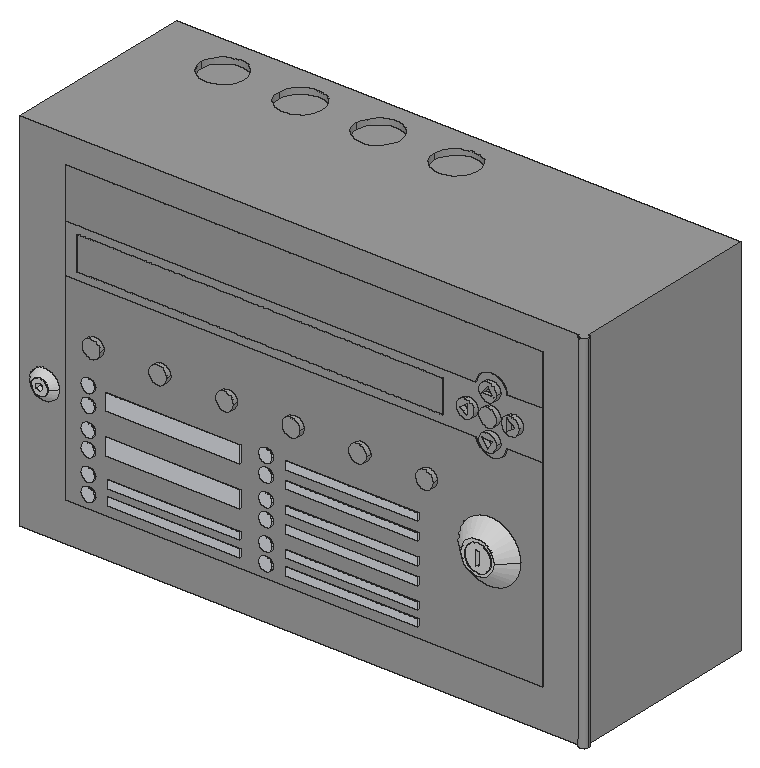
Revit family "DC IDR2-A_Active Repeater", category Specialty Equipment, Revit 2014
Parameters (values of type "Notifier by Honeywell IDR-2A Active Repeater Panel 002-450")
  Zone number = ""
  URL = "www.notifierfiresystems.co.uk"
  Type Comments = "IDR-2A Active Repeater Panel"
  Tel No. = "+44 (0) 1273 897000"
  Product Code = "002-450"
  Model = "IDR-2A"
  Manufacturer = "Notifier by Honeywell"
  Loop number = ""
  Fax No. = "+44 (0) 1273 376894"
  Email = "sales@notifierfiresystems.co.uk"
  Detector number = ""
  Description = "Fire Alarm Repeater Panel"
  Control Panel name = ""
  Assembly Code = "D4090900"
  Address line 1 = "Caburn House, Brooks Road, Lewes, E. Sussex BN7 2BY, UK"
Reference planes
  plane 1 "Center (Front/Back)": y = 0
  plane 2: z = 0
  plane 3 "Center (Left/Right)": x = 0
Forms (mm)
  Extrusion 1, solid, material "Default"
    sketch origin (0, 0, 0) x (1, 0, 0) y (0, 0, 1)
      loop
        line (-227.87, 0) -> (26.13, 0) -> (26.13, 165) -> (-227.87, 165) -> (-227.87, 0)
    from 0 to 88
  Extrusion 2, solid, material "UHMW, White"
    sketch origin (1.25, 0, 2.5) x (1, 0, 0) y (0, 0, 1)
      loop
        line (-208.508, 14.994) -> (6.13, 14.994) -> (6.13, 105.244) -> (-9.888, 105.244)
        arc (-9.888, 105.244) -> (-16.785, 99.351) -> (-23.682, 105.244) r 6.982
        line (-23.682, 105.244) -> (-208.508, 105.244) -> (-208.508, 14.994)
      loop
        line (-208.508, 150.244) -> (-208.508, 127.383) -> (-23.736, 127.383)
        arc (-23.736, 127.383) -> (-16.785, 133.705) -> (-9.834, 127.383) r 6.982
        line (-9.834, 127.383) -> (6.13, 127.383) -> (6.13, 150.244) -> (-208.508, 150.244)
    from 84.156 to 88.074
  Extrusion 3, void
    sketch origin (-28.75, 7.5, 0) x (1, 0, 0) y (0, 1, 0)
      loop
        circle (-163.642, -25.63) r 10
      loop
        circle (-128.642, -25.63) r 10
      loop
        circle (-93.642, -25.63) r 10
      loop
        circle (-58.642, -25.63) r 10
    from 162.436 to 180.672
  Extrusion 4, solid, material "Default"
    sketch origin (-0.625, 0.625, 0) x (1, 0, 0) y (0, 1, 0)
      loop
        circle (26.13, -88) r 2.037
    from 0 to 165
  Extrusion 5, solid, material "Platinum"
    sketch origin (180.7, 0, -20.672) x (1, 0, 0) y (0, 0, 1)
      loop
        circle (-197.286, 84.618) r 6
      loop
        line (-198.171, 87.62) -> (-198.171, 81.275) -> (-196.445, 81.275) -> (-196.445, 87.62) -> (-198.171, 87.62)
    from 94.533 to 88
  Extrusion 6, solid, material "UHMW, Black"
    sketch origin (181.75, 0, 24.528) x (1, 0, 0) y (0, 0, 1)
      loop
        circle (-197.286, 84.305) r 3.982
      loop
        line (-200.114, 85.801) -> (-197.286, 82.048) -> (-194.458, 85.801) -> (-200.114, 85.801)
      loop
        circle (-197.286, 104.695) r 3.982
      loop
        line (-194.693, 103.512) -> (-197.286, 106.952) -> (-199.878, 103.512) -> (-194.693, 103.512)
      loop
        circle (-207.48, 94.5) r 3.982
      loop
        line (-206.298, 97.092) -> (-209.738, 94.5) -> (-206.298, 91.908) -> (-206.298, 97.092)
      loop
        circle (-187.091, 94.5) r 3.982
      loop
        line (-188.586, 91.672) -> (-184.834, 94.5) -> (-188.586, 97.328) -> (-188.586, 91.672)
      loop
        circle (-197.286, 94.5) r 3.982
      loop
        circle (-375.788, 59.443) r 3.982
      loop
        circle (-345.788, 59.443) r 3.982
      loop
        circle (-315.788, 59.443) r 3.982
      loop
        circle (-285.788, 59.443) r 3.982
      loop
        circle (-255.788, 59.443) r 3.982
      loop
        circle (-225.788, 59.443) r 3.982
    from 90.157 to 88
  Extrusion 7, solid, material "Default"
    sketch origin (1.25, 0, 2.5) x (1, 0, 0) y (0, 0, 1)
      loop
        line (-208.508, 105.244) -> (-23.682, 105.244)
        arc (-23.682, 105.244) -> (-16.785, 99.351) -> (-9.888, 105.244) r 6.982
        line (-9.888, 105.244) -> (6.13, 105.244) -> (6.13, 127.383) -> (-9.834, 127.383)
        arc (-9.834, 127.383) -> (-16.785, 133.705) -> (-23.736, 127.383) r 6.982
        line (-23.736, 127.383) -> (-208.508, 127.383) -> (-208.508, 105.244)
      loop
        line (-203.651, 123.856) -> (-203.651, 108.856) -> (-38.651, 108.856) -> (-38.651, 123.856) -> (-203.651, 123.856)
    from 84.156 to 88.074
  Sweep 8, solid, material "Platinum"
    path in 3D
      loop
        arc (-10.585, -94.533, 63.946) -> (-16.585, -94.533, 57.946) -> (-22.585, -94.533, 63.946) r 6
        arc (-22.585, -94.533, 63.946) -> (-16.585, -94.533, 69.946) -> (-10.585, -94.533, 63.946) r 6
    profile origin (-16.585, -94.533, 69.946) x (0, 0, 1) y (0, -1, 0)
      loop
        line (0, 0) -> (0, -6.66) -> (8.182, -6.66) -> (1.522, 0) -> (0, 0)
  Extrusion 9, solid, material "Polypropylene "
    sketch origin (1.25, 0, 2.5) x (1, 0, 0) y (0, 0, 1)
      loop
        line (-203.651, 123.856) -> (-203.651, 108.856) -> (-38.651, 108.856) -> (-38.651, 123.856) -> (-203.651, 123.856)
    from 84.156 to 88.074
  Extrusion 10, solid, material "Platinum"
    sketch origin (-19.5, 0, -23.765) x (1, 0, 0) y (0, 0, 1)
      loop
        circle (-197.286, 84.618) r 3.758
      loop
        line (-197.286, 82.645) -> (-195.577, 83.631) -> (-195.577, 85.604) -> (-197.286, 86.591) -> (-198.994, 85.604) -> (-198.994, 83.631) -> (-197.286, 82.645)
    from 90.836 to 88
  Sweep 11, solid, material "Platinum"
    path in 3D
      loop
        arc (-213.027, -90.836, 60.853) -> (-216.785, -90.836, 57.095) -> (-220.543, -90.836, 60.853) r 3.758
        arc (-220.543, -90.836, 60.853) -> (-216.785, -90.836, 64.611) -> (-213.027, -90.836, 60.853) r 3.758
    profile origin (-216.785, -90.836, 64.611) x (0, 0, 1) y (0, -1, 0)
      loop
        line (0, 0) -> (0, -2.836) -> (2.836, -2.836) -> (0, 0)
  Extrusion 12, solid
    sketch origin (0, 0, 0) x (1, 0, 0) y (0, 0, 1)
      loop
        circle (-196.875, 67.5) r 3
      loop
        circle (-196.875, 59.507) r 3
      loop
        circle (-196.875, 49.529) r 3
      loop
        circle (-196.875, 41.536) r 3
      loop
        circle (-196.875, 31.673) r 3
      loop
        circle (-196.875, 23.681) r 3
    from 0 to 88.5
  Extrusion 13, solid
    sketch origin (0, 0, 0) x (1, 0, 0) y (0, 0, 1)
      loop
        line (-188.875, 67.5) -> (-188.875, 60) -> (-128.445, 60) -> (-128.445, 67.5) -> (-188.875, 67.5)
      loop
        line (-188.765, 49.504) -> (-188.765, 42.004) -> (-128.335, 42.004) -> (-128.335, 49.504) -> (-188.765, 49.504)
      loop
        line (-187.705, 32.621) -> (-187.705, 29.165) -> (-128.447, 29.165) -> (-128.447, 32.621) -> (-187.705, 32.621)
      loop
        line (-187.705, 25.709) -> (-187.705, 22.253) -> (-128.447, 22.253) -> (-128.447, 25.709) -> (-187.705, 25.709)
    from 80 to 88.5
  Extrusion 14, solid
    sketch origin (80, 0, 0) x (1, 0, 0) y (0, 0, 1)
      loop
        circle (-196.875, 67.5) r 3
      loop
        circle (-196.875, 59.507) r 3
      loop
        circle (-196.875, 49.529) r 3
      loop
        circle (-196.875, 41.536) r 3
      loop
        circle (-196.875, 31.673) r 3
      loop
        circle (-196.875, 23.681) r 3
    from 80 to 88.5
  Extrusion 15, solid
    sketch origin (80, 0, 0) x (1, 0, 0) y (0, 0, 1)
      loop
        line (-187.705, 32.621) -> (-187.705, 29.165) -> (-128.447, 29.165) -> (-128.447, 32.621) -> (-187.705, 32.621)
      loop
        line (-187.705, 25.709) -> (-187.705, 22.253) -> (-128.447, 22.253) -> (-128.447, 25.709) -> (-187.705, 25.709)
      loop
        line (-187.705, 42.484) -> (-187.705, 39.028) -> (-128.447, 39.028) -> (-128.447, 42.484) -> (-187.705, 42.484)
      loop
        line (-187.705, 50.477) -> (-187.705, 47.021) -> (-128.447, 47.021) -> (-128.447, 50.477) -> (-187.705, 50.477)
      loop
        line (-187.705, 60.455) -> (-187.705, 56.999) -> (-128.447, 56.999) -> (-128.447, 60.455) -> (-187.705, 60.455)
      loop
        line (-187.705, 68.448) -> (-187.705, 64.992) -> (-128.447, 64.992) -> (-128.447, 68.448) -> (-187.705, 68.448)
    from 80 to 88.5
Cuts and joins
  Extrusion 3 cuts Extrusion 1
  joined: Extrusion 1, Extrusion 4
Lines and regions (mm)
  sketch lines
    curve 1: arc (-22.585, -94.533, 63.946) -> (-16.585, -94.533, 69.946) -> (-10.585, -94.533, 63.946) r 6
    curve 2: arc (-10.585, -94.533, 63.946) -> (-16.585, -94.533, 57.946) -> (-22.585, -94.533, 63.946) r 6
    curve 3: arc (-220.543, -90.836, 60.853) -> (-216.785, -90.836, 64.611) -> (-213.027, -90.836, 60.853) r 3.758
    curve 4: arc (-213.027, -90.836, 60.853) -> (-216.785, -90.836, 57.095) -> (-220.543, -90.836, 60.853) r 3.758
Dimensions and locks
  aligned and locked: level to plane 2
